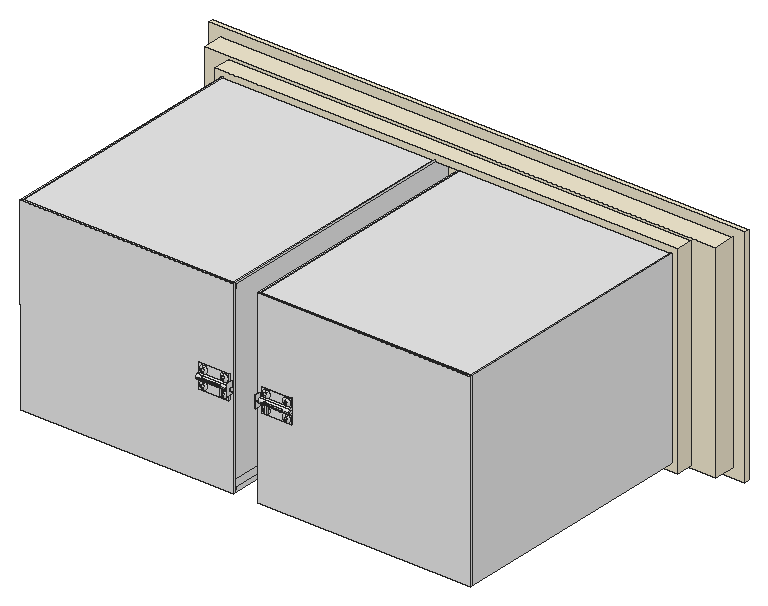
Revit family "Mailboxes_4C-Salsbury_Industries-Rear_Load-3_Door_High_Units", category Specialty Equipment, host Wall, Revit 2016 (continued)
Definition of nested family "3700 Series 4C OM2 Configuration"
  Forms (in)
    Blend 9, solid, material <- "Front Panel Material", detail levels medium+fine
      base sketch origin (1.3125, -0.12695, 1.36923) x (-1, 0, 0) y (0, 0, 1)
        loop
          circle (4.202, -0.40977) r 0.15665
      top sketch origin (1.3125, -0.12695, 1.36923) x (-1, 0, 0) y (0, 0, 1)
        loop
          circle (4.202, -0.40977) r 0.3125
      from -0.11328 to 0
    Blend 10, solid, material <- "Front Panel Material", detail levels medium+fine
      base sketch origin (9.8895, -0.12695, 2.68123) x (-1, 0, 0) y (0, 0, 1)
        loop
          circle (4.202, -0.40977) r 0.15665
      top sketch origin (9.8895, -0.12695, 2.68123) x (-1, 0, 0) y (0, 0, 1)
        loop
          circle (4.202, -0.40977) r 0.3125
      from -0.11328 to 0
    Blend 11, solid, material <- "Front Panel Material", detail levels medium+fine
      base sketch origin (9.8895, -0.12695, 1.36923) x (-1, 0, 0) y (0, 0, 1)
        loop
          circle (4.202, -0.40977) r 0.15665
      top sketch origin (9.8895, -0.12695, 1.36923) x (-1, 0, 0) y (0, 0, 1)
        loop
          circle (4.202, -0.40977) r 0.3125
      from -0.11328 to 0
    Extrusion 12, solid, material <- "Lock Material"
      sketch origin (0, -0.12695, 0) x (-1, 0, 0) y (0, 0, 1)
        loop
          line (1.96028, 2.61547) -> (-1.64128, 2.61547)
          arc (-1.64128, 2.61547) -> (-1.78215, 2.55712) -> (-1.8405, 2.41625) r 0.19922
          line (-1.8405, 2.41625) -> (-1.8405, 0.81469)
          arc (-1.8405, 0.81469) -> (-1.78215, 0.67382) -> (-1.64128, 0.61547) r 0.19922
          line (-1.64128, 0.61547) -> (1.96028, 0.61547)
          arc (1.96028, 0.61547) -> (2.10115, 0.67382) -> (2.1595, 0.81469) r 0.19922
          line (2.1595, 0.81469) -> (2.1595, 2.41625)
          arc (2.1595, 2.41625) -> (2.10115, 2.55712) -> (1.96028, 2.61547) r 0.19922
      from 0 to -0.03906
    Extrusion 13, solid, material <- "Front Panel Material"
      sketch origin (-2.13946, 0, 3.50047) x (-1, 0, 0) y (0, -1, 0)
        loop
          line (4.54804, -0.12695) -> (4.54804, 0.31995) -> (-8.82696, 0.31995) -> (-8.82696, -0.12695) -> (4.54804, -0.12695)
      from 0 to 3.0094
    Extrusion 14, void
      sketch origin (0, -0.31995, 0) x (0, 0, -1) y (-1, 0, 0)
        loop
          arc (-5.67087, 5.0005) -> (-6.04587, 5.3755) -> (-6.42087, 5.0005) r 0.375
          line (-6.42087, 5.0005) -> (-6.42087, -5.0005)
          arc (-6.42087, -5.0005) -> (-6.04587, -5.3755) -> (-5.67087, -5.0005) r 0.375
          line (-5.67087, -5.0005) -> (-5.67087, 5.0005)
      from 0 to 0.44691
    Extrusion 15, solid, material <- "Front Panel Material"
      sketch origin (0, 0, 0) x (0, 1, 0) y (0, 0, 1)
        loop
          line (0.12695, 6.50987) -> (0.12695, 7.00047) -> (-0.46995, 7.00047) -> (-0.75605, 6.83078) -> (-0.73973, 6.80251) -> (-1.27431, 6.49388) -> (-1.29063, 6.52214) -> (-1.61027, 6.3376)
          arc (-1.61027, 6.3376) -> (-1.63087, 6.31111) -> (-1.62714, 6.27777) r 0.04454
          line (-1.62714, 6.27777) -> (-1.5282, 6.17883)
          arc (-1.5282, 6.17883) -> (-1.4937, 6.16211) -> (-1.4558, 6.15637) r 0.12791
          line (-1.4558, 6.15637) -> (-1.10623, 6.15637) -> (-0.49395, 6.50987) -> (0.12695, 6.50987)
      from -6.6875 to 6.6875
  Cuts and joins
    Extrusion 3 cuts Extrusion 1
    Extrusion 5 cuts Extrusion 4
    Extrusion 14 cuts Extrusion 13
  Lines and regions (in)
    symbolic lines
      curve 1: circle (-5.7025, -0.12695, 2.27147) r 0.3125 normal (0, 1, 0)
      curve 2: circle (-5.7025, -0.12695, 0.95947) r 0.3125 normal (0, 1, 0)
      curve 3: circle (-2.8895, -0.12695, 0.95947) r 0.3125 normal (0, 1, 0)
      curve 4: circle (-2.8895, -0.12695, 2.27147) r 0.3125 normal (0, 1, 0)
      curve 5: circle (-4.3275, -0.12695, 1.61523) r 0.42913 normal (0, 1, 0)
      curve 6: circle (5.6875, -0.12695, 0.95947) r 0.3125 normal (0, 1, 0)
      curve 7: circle (5.6875, -0.12695, 2.27147) r 0.3125 normal (0, 1, 0)
      curve 8: arc (-2.1595, -0.12695, 2.41625) -> (-2.10115, -0.12695, 2.55712) -> (-1.96028, -0.12695, 2.61547) r 0.19922
      curve 9: arc (1.8405, -0.12695, 2.41625) -> (1.78215, -0.12695, 2.55712) -> (1.64128, -0.12695, 2.61547) r 0.19922
      curve 10: arc (1.8405, -0.12695, 0.81469) -> (1.78215, -0.12695, 0.67382) -> (1.64128, -0.12695, 0.61547) r 0.19922
      curve 11: arc (-1.96028, -0.12695, 0.61547) -> (-2.10115, -0.12695, 0.67382) -> (-2.1595, -0.12695, 0.81469) r 0.19922
      curve 12: line (-2.1595, -0.12695, 0.81469) -> (-2.1595, -0.12695, 2.41625)
      curve 13: line (-1.96028, -0.12695, 2.61547) -> (1.64128, -0.12695, 2.61547)
      curve 14: line (1.8405, -0.12695, 2.41625) -> (1.8405, -0.12695, 0.81469)
      curve 15: line (1.64128, -0.12695, 0.61547) -> (-1.96028, -0.12695, 0.61547)
  Dimensions and locks (in)
    equal spacing: plane 6 "Back Face of Door", plane 1 "Center (Front/Back)", plane 7 "Front Face of Door"
    "Door Depth": plane 6 "Back Face of Door" to plane 7 "Front Face of Door"
    equal spacing: plane 4 "Left Side Face of Door", plane 3 "Center (Left/Right)", plane 5 "Right Side Face of Door"
    "Door Width": plane 4 "Left Side Face of Door" to plane 5 "Right Side Face of Door"
    plane 8 to level = 3.23047"
    equal spacing: plane 8, plane 9, level
    locked: plane 7 "Front Face of Door" to plane 10 at 0.343
    "Center Lock-Vertical": plane 4 "Left Side Face of Door" to plane 11 "Center Lock Vertical"
    "Center Lock-Horizontal": plane 8 to plane 12 "Center Lock Horizontal"
    locked: plane 14 "Divider Height Align" to plane 8 at 0.27
    plane 4 "Left Side Face of Door" to plane 16 "Left Stud Align" to plane 17 "Right Stud Align" = 0.985", 2.813"
    plane 8 to plane 18 "Top Stud Align" to plane 19 "Bottom Stud Align" = 0.959", 1.312"
    plane 20 "Hinge Stud Align" to plane 5 "Right Side Face of Door" = 1.000"
    plane 8 to plane 21 "Mail Plate Top" to plane 22 "Mail Plate Bottom" = 0.615", 2.000"
    plane 4 "Left Side Face of Door" to plane 23 to plane 24 = 4.528", 4.000"
    plane 27 "Top of Mail Drop Divider" to plane 26 "Top of Mail Drop Door" to plane 14 "Divider Height Align" = 0.26953" locked, 3.23047"
    "Door Height": plane 27 "Top of Mail Drop Divider" to level
    plane 28 "Face of Mail Drop" to plane 10 = 0.150"
    locked: plane 27 "Top of Mail Drop Divider" to plane 29 "Top of Mail Slot" at 0.5796
    locked: plane 29 "Top of Mail Slot" to plane 30 "Bottom of Mail Slot" at 0.75
    locked: plane 4 "Left Side Face of Door" to plane 31 "Left Edge of Mail Slot" at 1.312
    locked: plane 32 "Right Edge of Mail Slot" to plane 5 "Right Side Face of Door" at 1.312
    locked: plane 33 "Mail Slot Bottom Protusion" to plane 29 "Top of Mail Slot" at 0.089
    plane 28 "Face of Mail Drop" to plane 34 = 0.174"
    plane 33 "Mail Slot Bottom Protusion" to plane 35 = 0.3535"
    plane 28 "Face of Mail Drop" to plane 36 "Front of Awning" = 1.315"
    plane 4 "Left Side Face of Door" to plane 5 "Right Side Face of Door" = 13.375"
    plane 6 "Back Face of Door" to plane 36 "Front of Awning" = 1.76191"
    "Access Lock Offset": plane 39 "Access Lock Offset" to plane 6 "Back Face of Door"
    aligned and locked: level to plane 2 "Bottom of Door"
    aligned and locked: plane 4 "Left Side Face of Door" to Extrusion 1
    aligned and locked: plane 6 "Back Face of Door" to Extrusion 1
    aligned and locked: plane 7 "Front Face of Door" to Extrusion 1
    aligned and locked: Extrusion 1 to level
    aligned and locked: plane 8 to Extrusion 1
    aligned and locked: Extrusion 2 sketch curve to plane 4 "Left Side Face of Door"
    aligned and locked: Extrusion 2 sketch curve to plane 6 "Back Face of Door"
    aligned and locked: plane 5 "Right Side Face of Door" to Extrusion 2 sketch curve
    aligned and locked: Extrusion 2 to plane 8
    aligned and locked: plane 10 to Extrusion 2 sketch curve
    aligned and locked: plane 14 "Divider Height Align" to Extrusion 2
    aligned and locked: plane 4 "Left Side Face of Door" to Extrusion 2
    aligned and locked: Extrusion 2 to plane 5 "Right Side Face of Door"
    aligned and locked: Extrusion 13 to plane 28 "Face of Mail Drop"
    aligned and locked: plane 29 "Top of Mail Slot" to Extrusion 14 sketch curve
    aligned and locked: cut or joined group of Extrusion 13, Extrusion 14 to cut or joined group of Extrusion 13, Extrusion 14
    aligned and locked: cut or joined group of Extrusion 1, Extrusion 3 to plane 2 "Bottom of Door"
  Automatic sketch dimensions
    Extrusion 1 sketch curve to plane 4 "Left Side Face of Door" = 0.000"
    Extrusion 1 sketch curve to plane 6 "Back Face of Door" = 0.000"
    Extrusion 1 sketch curve to plane 7 "Front Face of Door" = 0.000"
    Extrusion 1 sketch curve to plane 5 "Right Side Face of Door" = 0.000"
    Extrusion 1 sketch curve to plane 4 "Left Side Face of Door" = 0.252"
    Extrusion 1 sketch curve to plane 20 "Hinge Stud Align" = 0.36875"
    Extrusion 1 sketch curve to plane 25 "Face of Mail Plate" = 0.07029"
    plane 5 "Right Side Face of Door" to Extrusion 1 sketch curve = 0.195"
    Extrusion 1 sketch curve to plane 25 "Face of Mail Plate" = 0.10562"
    Extrusion 1 sketch curve to plane 13 "Face of Lock" = 0.07658"
    plane 1 "Center (Front/Back)" to Extrusion 1 sketch curve = 0.05445"
    Extrusion 1 sketch curve to plane 13 "Face of Lock" = 0.12063"
    Extrusion 5 sketch curve to plane 11 "Center Lock Vertical" = 0.0293"
    plane 11 "Center Lock Vertical" to Extrusion 5 sketch curve = 0.0293"
    Extrusion 5 sketch curve to plane 9 = 0.30959"
    plane 9 to Extrusion 5 sketch curve = 0.30959"
    plane 16 "Left Stud Align" to Blend 6 sketch curve = 0.000"  (x2)
    Blend 6 sketch curve to plane 18 "Top Stud Align" = 0.000"  (x2)
    plane 17 "Right Stud Align" to Blend 7 sketch curve = 0.000"  (x2)
    Blend 7 sketch curve to plane 18 "Top Stud Align" = 0.000"  (x2)
    plane 16 "Left Stud Align" to Blend 8 sketch curve = 0.000"  (x2)
    Blend 8 sketch curve to plane 19 "Bottom Stud Align" = 0.000"  (x2)
    plane 17 "Right Stud Align" to Blend 9 sketch curve = 0.000"  (x2)
    Blend 9 sketch curve to plane 19 "Bottom Stud Align" = 0.000"  (x2)
    Blend 10 sketch curve to plane 18 "Top Stud Align" = 0.000"  (x2)
    plane 20 "Hinge Stud Align" to Blend 10 sketch curve = 0.000"  (x2)
    Blend 11 sketch curve to plane 19 "Bottom Stud Align" = 0.000"  (x2)
    plane 20 "Hinge Stud Align" to Blend 11 sketch curve = 0.000"  (x2)
    plane 24 to Extrusion 12 sketch curve = 0.000"
    Extrusion 12 sketch curve to plane 22 "Mail Plate Bottom" = 0.000"
    Extrusion 12 sketch curve to plane 21 "Mail Plate Top" = 0.000"
    plane 23 to Extrusion 12 sketch curve = 0.000"
    plane 24 to Extrusion 12 sketch curve = 0.19922"  (x2)
    plane 18 "Top Stud Align" to Extrusion 12 sketch curve = 0.14478"
    Extrusion 12 sketch curve to plane 23 = 0.19922"
    Extrusion 13 sketch curve to plane 5 "Right Side Face of Door" = 0.000"
    Extrusion 13 sketch curve to plane 4 "Left Side Face of Door" = 0.000"
    Extrusion 13 sketch curve to plane 6 "Back Face of Door" = 0.000"
    Extrusion 13 sketch curve to plane 7 "Front Face of Door" = 0.193"
    Extrusion 14 sketch curve to plane 30 "Bottom of Mail Slot" = 0.000"
    plane 32 "Right Edge of Mail Slot" to Extrusion 14 sketch curve = 0.375"
    Extrusion 14 sketch curve to plane 31 "Left Edge of Mail Slot" = 0.375"
    Extrusion 15 sketch curve to plane 35 = 0.000"
    Extrusion 15 sketch curve to plane 33 "Mail Slot Bottom Protusion" = 0.000"
    Extrusion 15 sketch curve to plane 34 = 0.000"
    Extrusion 15 sketch curve to plane 27 "Top of Mail Drop Divider" = 0.000"
    Extrusion 15 sketch curve to plane 6 "Back Face of Door" = 0.000"
    plane 26 "Top of Mail Drop Door" to Extrusion 15 sketch curve = 0.07158"
    Extrusion 15 sketch curve to plane 34 = 0.24578"
    plane 26 "Top of Mail Drop Door" to Extrusion 15 sketch curve = 0.09984"
    Extrusion 15 sketch curve to Extrusion 15 sketch curve = 0.01632"
    plane 37 to Extrusion 15 sketch curve = 0.05062"
    Extrusion 15 sketch curve to plane 33 "Mail Slot Bottom Protusion" = 0.01599"
    plane 33 "Mail Slot Bottom Protusion" to Extrusion 15 sketch curve = 0.01227"
    plane 36 "Front of Awning" to Extrusion 15 sketch curve = 0.17915"
    plane 35 to Extrusion 15 sketch curve = 0.02246"
    Extrusion 15 sketch curve to Extrusion 15 sketch curve = 0.0724"
    plane 36 "Front of Awning" to Extrusion 15 sketch curve = 0.04696"
    plane 36 "Front of Awning" to Extrusion 15 sketch curve = 0.02469"
    plane 36 "Front of Awning" to Extrusion 15 sketch curve = 0.00781"
    Extrusion 15 sketch curve to Extrusion 15 sketch curve = 0.05983"
    Extrusion 4 sketch curve to plane 9 = 0.000"
    plane 11 "Center Lock Vertical" to Extrusion 4 sketch curve = 0.000"
    Extrusion 3 sketch curve to plane 9 = 0.000"
    plane 11 "Center Lock Vertical" to Extrusion 3 sketch curve = 0.000"
    curve 6 to plane 19 "Bottom Stud Align" = 0.000"
    plane 20 "Hinge Stud Align" to curve 6 = 0.000"
    curve 7 to plane 18 "Top Stud Align" = 0.000"
    plane 20 "Hinge Stud Align" to curve 7 = 0.000"
    plane 24 to curve 14 = 0.000"
    curve 9 to plane 21 "Mail Plate Top" = 0.000"
    curve 11 to plane 22 "Mail Plate Bottom" = 0.000"
    plane 23 to curve 12 = 0.000"
    plane 17 "Right Stud Align" to curve 4 = 0.000"
    plane 17 "Right Stud Align" to curve 3 = 0.000"
    curve 5 to plane 9 = 0.000"
    plane 11 "Center Lock Vertical" to curve 5 = 0.000"
    plane 16 "Left Stud Align" to curve 1 = 0.000"
    plane 16 "Left Stud Align" to curve 2 = 0.000"
    curve 2 to plane 19 "Bottom Stud Align" = 0.000"
    curve 3 to plane 19 "Bottom Stud Align" = 0.000"
    curve 1 to plane 18 "Top Stud Align" = 0.000"
    curve 4 to plane 18 "Top Stud Align" = 0.000"
    plane 18 "Top Stud Align" to curve 9 = 0.14478"
    curve 10 to plane 19 "Bottom Stud Align" = 0.14478"
    plane 18 "Top Stud Align" to curve 8 = 0.14478"
    curve 11 to plane 19 "Bottom Stud Align" = 0.14478"
    radius of Blend 6 sketch curve = 0.15665"
    radius of Blend 6 sketch curve = 0.3125"
    radius of Blend 7 sketch curve = 0.15665"
    radius of Blend 7 sketch curve = 0.3125"
    radius of Blend 8 sketch curve = 0.15665"
    radius of Blend 8 sketch curve = 0.3125"
    radius of Blend 9 sketch curve = 0.15665"
    radius of Blend 9 sketch curve = 0.3125"
    radius of Blend 10 sketch curve = 0.15665"
    radius of Blend 10 sketch curve = 0.3125"
    radius of Blend 11 sketch curve = 0.15665"
    radius of Blend 11 sketch curve = 0.3125"
    radius of Extrusion 4 sketch curve = 0.42913"
    radius of Extrusion 3 sketch curve = 0.4375"
    radius of curve 1 = 0.3125"
    radius of curve 2 = 0.3125"
    radius of curve 3 = 0.3125"
    radius of curve 4 = 0.3125"
    radius of curve 5 = 0.42913"
    radius of curve 6 = 0.3125"
    radius of curve 7 = 0.3125"
Definition of nested family "4C Latch Lock"
  Parameters (values of type "Lock Latch")
    Width = 1.750"
    Type Comments = "Lock Latch for Aluminum Mailboxes"
    Visible Latch = yes
    Manufacturer = "Salsbury Industries"
    Height = 1.375"
    Depth = 0.244"
    Back Enclosure Material = none
  Reference planes (in)
    plane 1 "Center (Front/Back)": y = 0
    plane 2 "left": z = 0
    plane 3 "Center (Left/Right)": x = 0
    plane 4 "top": x = -0.875
    plane 5 "bottom": x = 0.875
    plane 6 "Front": y = 0.122
    plane 7 "Back": y = -0.122
    plane 8 "Vertical Center": z = 0.6875
    plane 9 "right": z = 1.375
    plane 10: x = -1
    plane 11: x = -1.125
  Forms (in)
    Extrusion 1, solid, material <- "Back Enclosure Material", visible <- "Visible Latch", detail levels medium+fine
      sketch origin (-0.67187, 0, 0.67188) x (0, 0, -1) y (0, 1, 0)
        loop
          line (-0.22131, -0.0902) -> (-0.70312, -0.0902) -> (-0.70312, -0.12209) -> (-0.22129, -0.12209)
          arc (-0.22129, -0.12209) -> (-0.1389, -0.08579) -> (-0.11009, -0.00048) r 0.11165
          arc (-0.11009, -0.00048) -> (-0.01599, 0.09362) -> (0.07812, -0.00048) r 0.09411
          arc (0.07812, -0.00048) -> (0.10866, -0.08591) -> (0.19189, -0.122) r 0.11401
          line (0.19189, -0.122) -> (0.67187, -0.122) -> (0.67187, -0.08954) -> (0.19205, -0.08954)
          arc (0.19205, -0.08954) -> (0.13091, -0.06294) -> (0.10869, -0.00006) r 0.08357
          arc (0.10869, -0.00006) -> (-0.01625, 0.12487) -> (-0.14118, -0.00006) r 0.12494
          arc (-0.14118, -0.00006) -> (-0.16101, -0.06312) -> (-0.22131, -0.0902) r 0.08069
      from -0.20313 to 1.54687
    Extrusion 2, void, detail levels medium+fine
      sketch origin (-0.86719, 0.122, 0.78906) x (0, 0, -1) y (1, 0, 0)
        loop
          line (0.02064, 1.43976) -> (0.02064, 0.31562) -> (0.29045, 0.31562) -> (0.29045, 0.47278) -> (0.12796, 0.47278) -> (0.12796, 1.28526) -> (0.27447, 1.28526) -> (0.27447, 1.43976) -> (0.02064, 1.43976)
      from -0.01091 to 0.1442
    Blend 3, solid, material <- "Back Enclosure Material", visible <- "Visible Latch", detail levels fine
      base sketch origin (-0.95312, 0.122, 0.96875) x (0, 0, -1) y (1, 0, 0)
        loop
          circle (-0.1252, 1.55349) r 0.1
      top sketch origin (-0.95312, 0.122, 0.96875) x (0, 0, -1) y (1, 0, 0)
        loop
          circle (-0.1252, 1.55349) r 0.215
      from 0.16742 to 0.21154
    Blend 4, solid, material <- "Back Enclosure Material", visible <- "Visible Latch", detail levels fine
      base sketch origin (-0.95312, 0.122, -0.54015) x (0, 0, -1) y (1, 0, 0)
        loop
          circle (-0.8037, 1.55349) r 0.1
      top sketch origin (-0.95312, 0.122, -0.54015) x (0, 0, -1) y (1, 0, 0)
        loop
          circle (-0.8037, 1.55349) r 0.215
      from 0.16742 to 0.21154
    Blend 5, solid, material <- "Back Enclosure Material", visible <- "Visible Latch", detail levels fine
      base sketch origin (-1.95312, 0.122, 0.96875) x (0, 0, -1) y (1, 0, 0)
        loop
          circle (-0.1252, 1.36599) r 0.1
      top sketch origin (-1.95312, 0.122, 0.96875) x (0, 0, -1) y (1, 0, 0)
        loop
          circle (-0.1252, 1.36599) r 0.215
      from 0.16742 to 0.21154
    Blend 6, solid, material <- "Back Enclosure Material", visible <- "Visible Latch", detail levels fine
      base sketch origin (-1.95312, 0.122, -0.55578) x (0, 0, -1) y (1, 0, 0)
        loop
          circle (-0.8037, 1.36599) r 0.1
      top sketch origin (-1.95312, 0.122, -0.55578) x (0, 0, -1) y (1, 0, 0)
        loop
          circle (-0.8037, 1.36599) r 0.215
      from 0.16742 to 0.21154
    Extrusion 7, solid, material <- "Back Enclosure Material", visible <- "Visible Latch", detail levels medium+fine
      sketch origin (-1.22585, -7.77812, 0.87452) x (0, 0, -1) y (0, 1, 0)
        loop
          circle (0.18702, 7.77784) r 0.09014
      from 0.10085 to 2.10085
    Extrusion 8, solid, material <- "Back Enclosure Material", visible <- "Visible Latch", detail levels medium+fine
      sketch origin (-0.59584, -7.78798, 0.67188) x (1, 0, 0) y (0, 1, 0)
        loop
          circle (0.12087, 7.81979) r 0.05
      from 0.01562 to -0.5
    Extrusion 9, solid, material <- "Back Enclosure Material", visible <- "Visible Latch", detail levels medium+fine
      sketch origin (-1.09375, -0.02845, 1.02999) x (0, 0, -1) y (1, 0, 0)
        loop
          line (0.68574, 0.09375) -> (0.68574, 0.12475) -> (-0.00176, 0.12475) -> (-0.00176, 0.09375) -> (0.68574, 0.09375)
      from -0.25 to 0.09355
    Extrusion 10, void, detail levels medium+fine
      sketch origin (-0.969, -7.77845, 0.87437) x (0, 0, -1) y (0, -1, 0)
        loop
          circle (0.18637, -7.77776) r 0.09325
      from 0 to 0.031
  Cuts and joins
    Extrusion 2 cuts Extrusion 1
    Extrusion 10 cuts Extrusion 9
  Lines and regions (in)
    symbolic lines
      curve 1: line (0.875, 0.122, 1.375) -> (-0.875, 0.122, 1.375)
      curve 2: line (0.875, 0.122, 0) -> (0.875, 0.122, 1.375)
      curve 3: line (-0.875, 0.122, 0) -> (0.875, 0.122, 0)
      curve 4: line (-0.875, 0.122, 1.375) -> (-0.875, 0.122, 0)
      curve 5: line (-0.875, 0.122, 0.78197) -> (-1.125, 0.122, 0.78197)
      curve 6: line (-1.125, 0.122, 0.78197) -> (-1.125, 0.122, 0.59736)
      curve 7: line (-1.125, 0.122, 0.59736) -> (-0.875, 0.122, 0.59736)
  Dimensions and locks (in)
    equal spacing: plane 7 "Back", plane 1 "Center (Front/Back)", plane 6 "Front"
    "Depth": plane 7 "Back" to plane 6 "Front"
    equal spacing: plane 4 "top", plane 3 "Center (Left/Right)", plane 5 "bottom"
    "Width": plane 4 "top" to plane 5 "bottom"
    equal spacing: plane 9 "right", plane 8 "Vertical Center", plane 2 "left"
    "Height": plane 9 "right" to plane 2 "left"
    plane 10 to plane 4 "top" = 0.125"
    plane 11 to plane 4 "top" = 0.250"
    plane 10 to plane 11 = 0.125"
    aligned and locked: level to plane 2 "left"
    aligned and locked: curve 1 to cut or joined group of Extrusion 1, Extrusion 2
    aligned and locked: curve 2 to cut or joined group of Extrusion 1, Extrusion 2
    aligned and locked: curve 3 to cut or joined group of Extrusion 1, Extrusion 2
    aligned and locked: curve 4 to cut or joined group of Extrusion 1, Extrusion 2
  Automatic sketch dimensions
    Extrusion 1 sketch curve to plane 7 "Back" = 0.000"
    Extrusion 1 sketch curve to plane 7 "Back" = 0.0318"
    plane 9 "right" to Extrusion 1 sketch curve = 0.000"
    Extrusion 1 sketch curve to plane 8 "Vertical Center" = 0.20569"
    plane 7 "Back" to Extrusion 1 sketch curve = 0.00009"
    Extrusion 1 sketch curve to plane 8 "Vertical Center" = 0.20567"
    plane 1 "Center (Front/Back)" to Extrusion 1 sketch curve = 0.00006"
    Extrusion 1 sketch curve to plane 8 "Vertical Center" = 0.00062"
    Extrusion 1 sketch curve to Extrusion 1 sketch curve = 0.00026"
    Extrusion 1 sketch curve to Extrusion 1 sketch curve = 0.20788"
    Extrusion 1 sketch curve to Extrusion 1 sketch curve = 0.00016"
    Extrusion 1 sketch curve to level = 0.000"
    Extrusion 1 sketch curve to plane 7 "Back" = 0.03246"
    plane 1 "Center (Front/Back)" to Extrusion 1 sketch curve = 0.01045"
    Extrusion 1 sketch curve to Extrusion 1 sketch curve = 0.00094"
    Extrusion 1 sketch curve to Extrusion 1 sketch curve = 0.00201"
    Extrusion 2 sketch curve to plane 8 "Vertical Center" = 0.08092"
    plane 5 "bottom" to Extrusion 2 sketch curve = 0.45693"
    plane 8 "Vertical Center" to Extrusion 2 sketch curve = 0.0264"
    Extrusion 2 sketch curve to Extrusion 2 sketch curve = 0.16249"
    Extrusion 2 sketch curve to Extrusion 2 sketch curve = 0.14651"
    Extrusion 2 sketch curve to plane 3 "Center (Left/Right)" = 0.3944"
    Extrusion 2 sketch curve to plane 4 "top" = 0.32343"
    plane 5 "bottom" to Extrusion 2 sketch curve = 0.30243"
    plane 5 "bottom" to Blend 3 sketch curve = 0.27463"  (x2)
    Blend 3 sketch curve to plane 8 "Vertical Center" = 0.40645"  (x2)
    plane 5 "bottom" to Blend 4 sketch curve = 0.27463"  (x2)
    level to Blend 4 sketch curve = 0.26355"  (x2)
    Blend 5 sketch curve to plane 8 "Vertical Center" = 0.40645"  (x2)
    Blend 5 sketch curve to plane 3 "Center (Left/Right)" = 0.58713"  (x2)
    level to Blend 6 sketch curve = 0.24792"  (x2)
    Blend 6 sketch curve to plane 3 "Center (Left/Right)" = 0.58713"  (x2)
    plane 1 "Center (Front/Back)" to Extrusion 7 sketch curve = 0.00028"
    plane 8 "Vertical Center" to Extrusion 7 sketch curve = 0.000"
    Extrusion 8 sketch curve to plane 1 "Center (Front/Back)" = 0.03181"
    Extrusion 8 sketch curve to plane 4 "top" = 0.40003"
    Extrusion 9 sketch curve to plane 8 "Vertical Center" = 0.34425"
    level to Extrusion 9 sketch curve = 0.34425"
    plane 4 "top" to Extrusion 9 sketch curve = 0.125"
    Extrusion 9 sketch curve to Extrusion 9 sketch curve = 0.031"
    plane 1 "Center (Front/Back)" to Extrusion 10 sketch curve = 0.0007"
    Extrusion 10 sketch curve to plane 8 "Vertical Center" = 0.0005"
    curve 6 to plane 11 = 0.000"
    curve 5 to plane 8 "Vertical Center" = 0.09447"
    plane 8 "Vertical Center" to curve 6 = 0.09014"
    radius of Blend 3 sketch curve = 0.100"
    radius of Blend 3 sketch curve = 0.215"
    radius of Blend 4 sketch curve = 0.100"
    radius of Blend 4 sketch curve = 0.215"
    radius of Blend 5 sketch curve = 0.100"
    radius of Blend 5 sketch curve = 0.215"
    radius of Blend 6 sketch curve = 0.100"
    radius of Blend 6 sketch curve = 0.215"
    radius of Extrusion 7 sketch curve = 0.09014"
    radius of Extrusion 8 sketch curve = 0.050"
    radius of Extrusion 10 sketch curve = 0.09325"
Definition of nested family "4C Latch Lock-Left"
  Parameters (values of type "Lock Latch")
    Width = 1.750"
    Type Comments = "Lock Latch for Aluminum Mailboxes"
    Visible Latch = yes
    Manufacturer = "Salsbury Industries"
    Height = 1.375"
    Depth = 0.244"
    Back Enclosure Material = none
  Reference planes (in)
    plane 1 "Center (Front/Back)": y = 0
    plane 2 "left": z = 0
    plane 3 "Center (Left/Right)": x = 0
    plane 4 "top": x = -0.875
    plane 5 "bottom": x = 0.875
    plane 6 "Front": y = 0.122
    plane 7 "Back": y = -0.122
    plane 8 "Vertical Center": z = 0.6875
    plane 9 "right": z = 1.375
    plane 10: x = 1
    plane 11: x = 1.125
  Forms (in)
    Extrusion 1, solid, material <- "Back Enclosure Material", visible <- "Visible Latch", detail levels medium+fine
      sketch origin (-0.67187, 0, 0.67188) x (0, 0, -1) y (0, 1, 0)
        loop
          line (-0.22131, -0.0902) -> (-0.70312, -0.0902) -> (-0.70312, -0.12209) -> (-0.22129, -0.12209)
          arc (-0.22129, -0.12209) -> (-0.1389, -0.08579) -> (-0.11009, -0.00048) r 0.11165
          arc (-0.11009, -0.00048) -> (-0.01599, 0.09362) -> (0.07812, -0.00048) r 0.09411
          arc (0.07812, -0.00048) -> (0.10866, -0.08591) -> (0.19189, -0.122) r 0.11401
          line (0.19189, -0.122) -> (0.67187, -0.122) -> (0.67187, -0.08954) -> (0.19205, -0.08954)
          arc (0.19205, -0.08954) -> (0.13091, -0.06294) -> (0.10869, -0.00006) r 0.08357
          arc (0.10869, -0.00006) -> (-0.01625, 0.12487) -> (-0.14118, -0.00006) r 0.12494
          arc (-0.14118, -0.00006) -> (-0.16101, -0.06312) -> (-0.22131, -0.0902) r 0.08069
      from -0.20313 to 1.54687
    Extrusion 2, void
      sketch origin (-0.86719, 0.122, 0.78906) x (0, 0, -1) y (1, 0, 0)
        loop
          line (0.02064, 1.43976) -> (0.02064, 0.31562) -> (0.29045, 0.31562) -> (0.29045, 0.47278) -> (0.12796, 0.47278) -> (0.12796, 1.28526) -> (0.27447, 1.28526) -> (0.27447, 1.43976) -> (0.02064, 1.43976)
      from -0.01091 to 0.1442
    Blend 3, solid, material <- "Back Enclosure Material", visible <- "Visible Latch", detail levels fine
      base sketch origin (-0.95312, 0.122, 0.96875) x (0, 0, -1) y (1, 0, 0)
        loop
          circle (-0.1252, 1.55349) r 0.1
      top sketch origin (-0.95312, 0.122, 0.96875) x (0, 0, -1) y (1, 0, 0)
        loop
          circle (-0.1252, 1.55349) r 0.215
      from 0.16742 to 0.21154
    Blend 4, solid, material <- "Back Enclosure Material", visible <- "Visible Latch", detail levels fine
      base sketch origin (-0.95312, 0.122, -0.54015) x (0, 0, -1) y (1, 0, 0)
        loop
          circle (-0.8037, 1.55349) r 0.1
      top sketch origin (-0.95312, 0.122, -0.54015) x (0, 0, -1) y (1, 0, 0)
        loop
          circle (-0.8037, 1.55349) r 0.215
      from 0.16742 to 0.21154
    Blend 5, solid, material <- "Back Enclosure Material", visible <- "Visible Latch", detail levels fine
      base sketch origin (-1.95312, 0.122, 0.96875) x (0, 0, -1) y (1, 0, 0)
        loop
          circle (-0.1252, 1.36599) r 0.1
      top sketch origin (-1.95312, 0.122, 0.96875) x (0, 0, -1) y (1, 0, 0)
        loop
          circle (-0.1252, 1.36599) r 0.215
      from 0.16742 to 0.21154
    Blend 6, solid, material <- "Back Enclosure Material", visible <- "Visible Latch", detail levels fine
      base sketch origin (-1.95312, 0.122, -0.55578) x (0, 0, -1) y (1, 0, 0)
        loop
          circle (-0.8037, 1.36599) r 0.1
      top sketch origin (-1.95312, 0.122, -0.55578) x (0, 0, -1) y (1, 0, 0)
        loop
          circle (-0.8037, 1.36599) r 0.215
      from 0.16742 to 0.21154
    Extrusion 7, solid, material <- "Back Enclosure Material", visible <- "Visible Latch", detail levels medium+fine
      sketch origin (-1.22585, -7.77812, 0.87452) x (0, 0, -1) y (0, 1, 0)
        loop
          circle (0.18702, 7.77784) r 0.09014
      from 0.35085 to 2.35085
    Extrusion 8, solid, material <- "Back Enclosure Material", visible <- "Visible Latch", detail levels medium+fine
      sketch origin (0.37291, -7.78798, 0.67188) x (1, 0, 0) y (0, 1, 0)
        loop
          circle (0.12087, 7.81979) r 0.05
      from 0.01562 to -0.5
    Extrusion 9, solid, material <- "Back Enclosure Material", visible <- "Visible Latch", detail levels medium+fine
      sketch origin (0.87525, -0.02845, 1.02999) x (0, 0, -1) y (1, 0, 0)
        loop
          line (0.68574, 0.09375) -> (0.68574, 0.12475) -> (-0.00176, 0.12475) -> (-0.00176, 0.09375) -> (0.68574, 0.09375)
      from -0.25 to 0.09355
    Extrusion 10, void
      sketch origin (1, -7.77845, 0.87437) x (0, 0, -1) y (0, -1, 0)
        loop
          circle (0.18637, -7.77776) r 0.09325
      from 0 to 0.031
  Cuts and joins
    Extrusion 2 cuts Extrusion 1
    Extrusion 10 cuts Extrusion 9
  Lines and regions (in)
    symbolic lines
      curve 1: line (0.875, 0.122, 1.375) -> (-0.875, 0.122, 1.375)
      curve 2: line (0.875, 0.122, 0) -> (0.875, 0.122, 1.375)
      curve 3: line (-0.875, 0.122, 0) -> (0.875, 0.122, 0)
      curve 4: line (-0.875, 0.122, 1.375) -> (-0.875, 0.122, 0)
      curve 5: line (0.875, 0.122, 0.78197) -> (1.125, 0.122, 0.78197)
      curve 6: line (1.125, 0.122, 0.78197) -> (1.125, 0.122, 0.59736)
      curve 7: line (1.125, 0.122, 0.59736) -> (0.875, 0.122, 0.59736)
  Dimensions and locks (in)
    equal spacing: plane 7 "Back", plane 1 "Center (Front/Back)", plane 6 "Front"
    "Depth": plane 7 "Back" to plane 6 "Front"
    equal spacing: plane 4 "top", plane 3 "Center (Left/Right)", plane 5 "bottom"
    "Width": plane 4 "top" to plane 5 "bottom"
    equal spacing: plane 9 "right", plane 8 "Vertical Center", plane 2 "left"
    "Height": plane 9 "right" to plane 2 "left"
    plane 4 "top" to plane 10 = 1.875"
    plane 5 "bottom" to plane 11 = 0.250"
    plane 11 to plane 10 = 0.125"
    aligned and locked: level to plane 2 "left"
    aligned and locked: curve 1 to cut or joined group of Extrusion 1, Extrusion 2
    aligned and locked: curve 2 to cut or joined group of Extrusion 1, Extrusion 2
    aligned and locked: curve 3 to cut or joined group of Extrusion 1, Extrusion 2
    aligned and locked: curve 4 to cut or joined group of Extrusion 1, Extrusion 2
  Automatic sketch dimensions
    Extrusion 1 sketch curve to plane 7 "Back" = 0.000"
    Extrusion 1 sketch curve to plane 7 "Back" = 0.0318"
    plane 9 "right" to Extrusion 1 sketch curve = 0.000"
    Extrusion 1 sketch curve to plane 8 "Vertical Center" = 0.20569"
    plane 7 "Back" to Extrusion 1 sketch curve = 0.00009"
    Extrusion 1 sketch curve to plane 8 "Vertical Center" = 0.20567"
    plane 1 "Center (Front/Back)" to Extrusion 1 sketch curve = 0.00006"
    Extrusion 1 sketch curve to plane 8 "Vertical Center" = 0.00062"
    Extrusion 1 sketch curve to Extrusion 1 sketch curve = 0.00026"
    Extrusion 1 sketch curve to Extrusion 1 sketch curve = 0.20788"
    Extrusion 1 sketch curve to Extrusion 1 sketch curve = 0.00016"
    Extrusion 1 sketch curve to level = 0.000"
    Extrusion 1 sketch curve to plane 7 "Back" = 0.03246"
    plane 1 "Center (Front/Back)" to Extrusion 1 sketch curve = 0.01045"
    Extrusion 1 sketch curve to Extrusion 1 sketch curve = 0.00094"
    Extrusion 1 sketch curve to Extrusion 1 sketch curve = 0.00201"
    Extrusion 2 sketch curve to plane 8 "Vertical Center" = 0.08092"
    plane 5 "bottom" to Extrusion 2 sketch curve = 0.45693"
    plane 8 "Vertical Center" to Extrusion 2 sketch curve = 0.0264"
    Extrusion 2 sketch curve to Extrusion 2 sketch curve = 0.16249"
    Extrusion 2 sketch curve to Extrusion 2 sketch curve = 0.14651"
    Extrusion 2 sketch curve to plane 3 "Center (Left/Right)" = 0.3944"
    Extrusion 2 sketch curve to plane 4 "top" = 0.32343"
    plane 5 "bottom" to Extrusion 2 sketch curve = 0.30243"
    plane 5 "bottom" to Blend 3 sketch curve = 0.27463"  (x2)
    Blend 3 sketch curve to plane 8 "Vertical Center" = 0.40645"  (x2)
    plane 5 "bottom" to Blend 4 sketch curve = 0.27463"  (x2)
    level to Blend 4 sketch curve = 0.26355"  (x2)
    Blend 5 sketch curve to plane 8 "Vertical Center" = 0.40645"  (x2)
    Blend 5 sketch curve to plane 3 "Center (Left/Right)" = 0.58713"  (x2)
    level to Blend 6 sketch curve = 0.24792"  (x2)
    Blend 6 sketch curve to plane 3 "Center (Left/Right)" = 0.58713"  (x2)
    plane 1 "Center (Front/Back)" to Extrusion 7 sketch curve = 0.00028"
    plane 8 "Vertical Center" to Extrusion 7 sketch curve = 0.000"
    Extrusion 8 sketch curve to plane 1 "Center (Front/Back)" = 0.03181"
    Extrusion 8 sketch curve to plane 4 "top" = 1.36878"
    Extrusion 9 sketch curve to plane 8 "Vertical Center" = 0.34425"
    level to Extrusion 9 sketch curve = 0.34425"
    Extrusion 9 sketch curve to plane 4 "top" = 1.844"
    Extrusion 9 sketch curve to Extrusion 9 sketch curve = 0.031"
    plane 1 "Center (Front/Back)" to Extrusion 10 sketch curve = 0.0007"
    Extrusion 10 sketch curve to plane 8 "Vertical Center" = 0.0005"
    curve 7 to plane 11 = 0.000"
    curve 5 to plane 8 "Vertical Center" = 0.09447"
    plane 8 "Vertical Center" to curve 6 = 0.09014"
    radius of Blend 3 sketch curve = 0.100"
    radius of Blend 3 sketch curve = 0.215"
    radius of Blend 4 sketch curve = 0.100"
    radius of Blend 4 sketch curve = 0.215"
    radius of Blend 5 sketch curve = 0.100"
    radius of Blend 5 sketch curve = 0.215"
    radius of Blend 6 sketch curve = 0.100"
    radius of Blend 6 sketch curve = 0.215"
    radius of Extrusion 7 sketch curve = 0.09014"
    radius of Extrusion 8 sketch curve = 0.050"
    radius of Extrusion 10 sketch curve = 0.09325"
Types (4): name | Width | Vertical Center Divider | Right Inside Wall | Model | Left Inside Wall | Latch Lock-Left Side | Latch Alignment | Door Slot R3 Number | Door Slot R3 | Door Slot R1 Number | Door Slot R1 | Door Slot L3 Number | Door Slot L3 | Door Slot L2 Number | Door Slot L2 | Door Slot L1 Number | Door Slot L1 | Description | Center Extrusion Offset
  3703D-04 RL | 31.09766" | yes | yes | "3703D-04 RL" | yes | yes | 14.857" | "0" | 3700 Series 4C OM2 Configuration : OM2-RL | "4" | 3700 Series 4C Door Configurations : MB1 Door | "3" | 3700 Series 4C Door Configurations : MB1 Door w/ Divider | "2" | 3700 Series 4C Door Configurations : MB1 Door w/ Divider | "1" | 3700 Series 4C Door Configurations : MB1 Door | "3 Door High Unit:  4 MB1, OM2" | 0.000"
  3703S-01 RL | 16.344" | no | no | "3703S-01 RL" | no | no | 13.876" | "0" | 3700 Series 4C OM2 Configuration : OM2-RL | "1" | 3700 Series 4C Door Configurations : MB1 Door | "0" | 3700 Series 4C Door Configurations : Empty | "0" | 3700 Series 4C Door Configurations : Empty | "0" | 3700 Series 4C Door Configurations : Empty | "3 Door High Unit:  1 MB1, OM2" | 48.000"
  3703D-2P RL | 31.09766" | yes | yes | "3703D-2P RL" | yes | yes | 14.857" | "2P" | 3700 Series 4C Parcel Configurations : PL3 | "0" | 3700 Series 4C Door Configurations : Empty | "1P" | 3700 Series 4C Parcel Configurations : PL3 | "0" | 3700 Series 4C Door Configurations : Empty | "0" | 3700 Series 4C Door Configurations : Empty | "3 Door High Unit:  2 PL3" | 0.000"
  3703S-1P RL | 16.344" | no | no | "3703S-1P RL" | no | no | 13.876" | "1P" | 3700 Series 4C Parcel Configurations : PL3 | "0" | 3700 Series 4C Door Configurations : Empty | "0" | 3700 Series 4C Door Configurations : Empty | "0" | 3700 Series 4C Door Configurations : Empty | "0" | 3700 Series 4C Door Configurations : Empty | "3 Door High Unit:  1 PL3" | 48.000"
